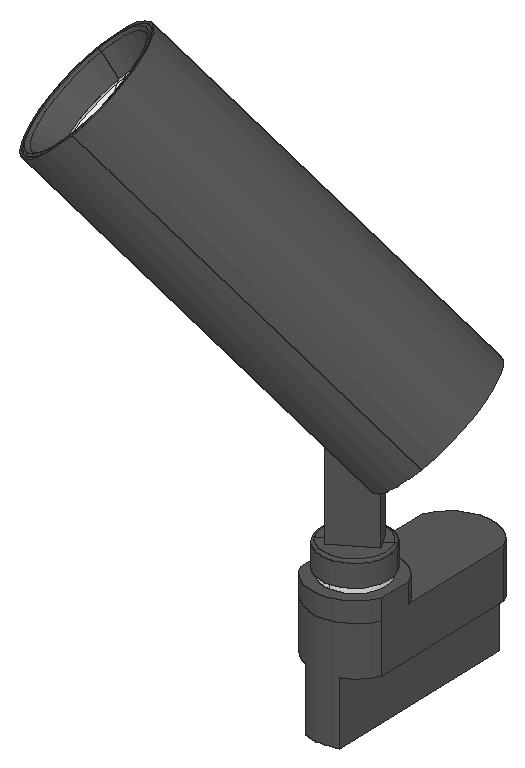
Revit family "0005441", category Lighting Fixtures, host Face, Revit 2017 (continued)
Definition of nested family "START Track Spot Integral Head"
  Types (5, lengths in mm): name | Photometric Web File | built-in parameter 1150142 | Model | built-in parameter 1150105 | Lumens | built-in parameter 1150106 | built-in parameter 1150104
    0005423 ST TRK SPT INTGRL 1400LM 930 WB BLK | "0005423WB.ies" | "IESNA:LM-63-2002\r\n[TEST] A1808656A0\r\n[TESTLAB]\r\n[MANUFAC] Feilo Sylvania\r\n[LUMCAT]\r\n[LUMINAIRE] 0005423 START Track Spot Integ ral 1350lm 930 MB BLK /0 \r\n[LAMP] SP-TA5C17R1/0\r\n[BALLAST] \r\n[ISSUEDATE]\r\n[OTHER] B-Angle = 0.00 B-Tilt = 0.00 2018-10-19\r\nTILT=NONE\r\n1 1400.00 1 361 1 1 2 -0.042 -0.042 0.000\r\n1.0 1.0 17.00\r\n   0.00   0.50   1.00   1.50   2.00   2.50   3.00   3.50   4.00   4.50\r\n   5.00   5.50   6.00   6.50   7.00   7.50   8.00   8.50   9.00   9.50\r\n  10.00  10.50  11.00  11.50  12.00  12.50  13.00  13.50  14.00  14.50\r\n  15.00  15.50  16.00  16.50  17.00  17.50  18.00  18.50  19.00  19.50\r\n  20.00  20.50  21.00  21.50  22.00  22.50  23.00  23.50  24.00  24.50\r\n  25.00  25.50  26.00  26.50  27.00  27.50  28.00  28.50  29.00  29.50\r\n  30.00  30.50  31.00  31.50  32.00  32.50  33.00  33.50  34.00  34.50\r\n  35.00  35.50  36.00  36.50  37.00  37.50  38.00  38.50  39.00  39.50\r\n  40.00  40.50  41.00  41.50  42.00  42.50  43.00  43.50  44.00  44.50\r\n  45.00  45.50  46.00  46.50  47.00  47.50  48.00  48.50  49.00  49.50\r\n  50.00  50.50  51.00  51.50  52.00  52.50  53.00  53.50  54.00  54.50\r\n  55.00  55.50  56.00  56.50  57.00  57.50  58.00  58.50  59.00  59.50\r\n  60.00  60.50  61.00  61.50  62.00  62.50  63.00  63.50  64.00  64.50\r\n  65.00  65.50  66.00  66.50  67.00  67.50  68.00  68.50  69.00  69.50\r\n  70.00  70.50  71.00  71.50  72.00  72.50  73.00  73.50  74.00  74.50\r\n  75.00  75.50  76.00  76.50  77.00  77.50  78.00  78.50  79.00  79.50\r\n  80.00  80.50  81.00  81.50  82.00  82.50  83.00  83.50  84.00  84.50\r\n  85.00  85.50  86.00  86.50  87.00  87.50  88.00  88.50  89.00  89.50\r\n  90.00  90.50  91.00  91.50  92.00  92.50  93.00  93.50  94.00  94.50\r\n  95.00  95.50  96.00  96.50  97.00  97.50  98.00  98.50  99.00  99.50\r\n 100.00 100.50 101.00 101.50 102.00 102.50 103.00 103.50 104.00 104.50\r\n 105.00 105.50 106.00 106.50 107.00 107.50 108.00 108.50 109.00 109.50\r\n 110.00 110.50 111.00 111.50 112.00 112.50 113.00 113.50 114.00 114.50\r\n 115.00 115.50 116.00 116.50 117.00 117.50 118.00 118.50 119.00 119.50\r\n 120.00 120.50 121.00 121.50 122.00 122.50 123.00 123.50 124.00 124.50\r\n 125.00 125.50 126.00 126.50 127.00 127.50 128.00 128.50 129.00 129.50\r\n 130.00 130.50 131.00 131.50 132.00 132.50 133.00 133.50 134.00 134.50\r\n 135.00 135.50 136.00 136.50 137.00 137.50 138.00 138.50 139.00 139.50\r\n 140.00 140.50 141.00 141.50 142.00 142.50 143.00 143.50 144.00 144.50\r\n 145.00 145.50 146.00 146.50 147.00 147.50 148.00 148.50 149.00 149.50\r\n 150.00 150.50 151.00 151.50 152.00 152.50 153.00 153.50 154.00 154.50\r\n 155.00 155.50 156.00 156.50 157.00 157.50 158.00 158.50 159.00 159.50\r\n 160.00 160.50 161.00 161.50 162.00 162.50 163.00 163.50 164.00 164.50\r\n 165.00 165.50 166.00 166.50 167.00 167.50 168.00 168.50 169.00 169.50\r\n 170.00 170.50 171.00 171.50 172.00 172.50 173.00 173.50 174.00 174.50\r\n 175.00 175.50 176.00 176.50 177.00 177.50 178.00 178.50 179.00 179.50\r\n 180.00\r\n   0.00\r\n    1426.45    1423.42    1423.77    1424.26    1423.59    1421.48    1423.04\r\n    1425.16    1425.49    1426.12    1428.04    1429.33    1431.26    1432.03\r\n    1435.03    1438.74    1440.64    1441.34    1443.33    1445.51    1445.29\r\n    1445.35    1446.33    1446.83    1447.01    1447.43    1445.98    1442.91\r\n    1438.77    1434.20    1427.64    1419.25    1410.56    1402.16    1392.44\r\n    1378.02    1361.49    1344.50    1326.56    1309.08    1290.97    1268.40\r\n    1246.84    1225.01    1200.68    1176.08    1152.44    1125.63    1098.52\r\n    1071.11    1043.97    1016.43     988.43     959.29     928.84     899.78\r\n     870.45     840.78     810.75     781.02     750.47     719.39     688.48\r\n     659.13     629.06     598.93     569.87     541.80     514.01     486.77\r\n     459.63     432.64     405.89     380.04     354.24     328.05     302.62\r\n     278.38     254.93     232.41     211.15     190.95     173.10     157.56\r\n     144.00     131.88     120.92     111.08     102.12      94.02      86.79\r\n      80.16      74.06      68.29      63.04      58.17      53.66      49.64\r\n      45.92      42.53      39.45      36.64      34.12      31.89      29.97\r\n      28.29      26.81      25.55      24.44      23.52      22.74      21.99\r\n      21.34      20.73      20.19      19.61      19.00      18.34      17.63\r\n      16.87      16.13      15.32      14.46      13.62      12.84      12.12\r\n      11.42      10.75      10.14       9.55       8.97       8.40       7.84\r\n       7.25       6.64       6.09       5.47       4.87       4.28       3.67\r\n       3.11       2.58       2.14       1.81       1.51       1.25       0.99\r\n       0.83       0.69       0.57       0.50       0.43       0.35       0.31\r\n       0.25       0.22       0.15       0.11       0.07       0.03       0.00\r\n       0.00       0.00       0.00       0.00       0.00       0.00       0.00\r\n       0.00       0.00       0.00       0.00       0.00       0.00       0.00\r\n       0.00       0.00       0.00       0.00       0.00       0.00       0.00\r\n       0.00       0.00       0.00       0.00       0.00       0.00       0.00\r\n       0.00       0.00       0.00       0.00       0.00       0.00       0.00\r\n       0.00       0.00       0.00       0.00       0.00       0.00       0.00\r\n       0.00       0.00       0.00       0.00       0.00       0.00       0.00\r\n       0.00       0.00       0.00       0.00       0.00       0.00       0.00\r\n       0.00       0.00       0.00       0.00       0.00       0.00       0.00\r\n       0.00       0.00       0.00       0.00       0.00       0.00       0.00\r\n       0.00       0.00       0.00       0.00       0.00       0.00       0.00\r\n       0.00       0.00       0.00       0.00       0.00       0.00       0.00\r\n       0.00       0.00       0.00       0.00       0.00       0.00       0.00\r\n       0.00       0.00       0.01       0.01       0.01       0.03       0.03\r\n       0.03       0.04       0.03       0.04       0.04       0.04       0.04\r\n       0.04       0.04       0.04       0.04       0.04       0.04       0.06\r\n       0.07       0.08       0.10       0.15       0.21       0.27       0.34\r\n       0.42       0.48       0.52       0.56       0.57       0.60       0.63\r\n       0.67       0.71       0.77       0.83       0.91       1.02       1.16\r\n       1.27       1.36       1.39       1.41       1.44       1.48       1.54\r\n       1.58       1.64       1.72       1.81       1.88       1.97       2.06\r\n       2.14       2.21       2.27       2.30       2.34       2.37       2.39\r\n       2.44       2.49       2.53       2.59       2.65       2.74       2.80\r\n       2.88       2.97       3.05       3.15       3.21       3.28       3.35\r\n       3.44       3.50       3.53       3.58       3.61       3.67       3.70\r\n       3.74       3.77       3.82       3.86       3.89       3.92       3.95\r\n       3.99       4.03       4.05       4.07       4.10       4.13       4.14\r\n       4.14       4.14       4.14       4.13       4.12       4.09       4.06\r\n       4.05       4.03       4.03       3.96\r\n" | "ST TRK SPT INTGRL 1400LM 930 WB BLK" | 111.41 (stored number, unit not read) | 1400 lm | 1.1141 (stored number, unit not read) | 7.6508 (stored number, unit not read)
    0005441 24 | "0005441_24.ies" | "IESNA:LM-63-2002\r\n[TEST] 202010554\r\n[TESTLAB] \r\n[TESTDATE] 23 May 2020\r\n[ISSUEDATE] 23 May 2020\r\n[MANUFAC] Sylvania\r\n[LUMCAT] 202010554\r\n[LUMINAIRE] FT1079-B-3000£¨24¡ã£©\r\n[FLASHAREA] 0.000514\r\n[LAMPCAT] 202010554\r\n[LAMP] LED 17W\r\nTILT=NONE\r\n1 1393.10 1.0 181 4 1 2 -0.052 -0.052 0.000\r\n1.00 1.00 16.50\r\n0.00 1.00 2.00 3.00 4.00 5.00 6.00 7.00 8.00 9.00 10.00 \r\n11.00 12.00 13.00 14.00 15.00 16.00 17.00 18.00 19.00 \r\n20.00 21.00 22.00 23.00 24.00 25.00 26.00 27.00 28.00 \r\n29.00 30.00 31.00 32.00 33.00 34.00 35.00 36.00 37.00 \r\n38.00 39.00 40.00 41.00 42.00 43.00 44.00 45.00 46.00 \r\n47.00 48.00 49.00 50.00 51.00 52.00 53.00 54.00 55.00 \r\n56.00 57.00 58.00 59.00 60.00 61.00 62.00 63.00 64.00 \r\n65.00 66.00 67.00 68.00 69.00 70.00 71.00 72.00 73.00 \r\n74.00 75.00 76.00 77.00 78.00 79.00 80.00 81.00 82.00 \r\n83.00 84.00 85.00 86.00 87.00 88.00 89.00 90.00 91.00 \r\n92.00 93.00 94.00 95.00 96.00 97.00 98.00 99.00 100.00 \r\n101.00 102.00 103.00 104.00 105.00 106.00 107.00 108.00 \r\n109.00 110.00 111.00 112.00 113.00 114.00 115.00 116.00 \r\n117.00 118.00 119.00 120.00 121.00 122.00 123.00 124.00 \r\n125.00 126.00 127.00 128.00 129.00 130.00 131.00 132.00 \r\n133.00 134.00 135.00 136.00 137.00 138.00 139.00 140.00 \r\n141.00 142.00 143.00 144.00 145.00 146.00 147.00 148.00 \r\n149.00 150.00 151.00 152.00 153.00 154.00 155.00 156.00 \r\n157.00 158.00 159.00 160.00 161.00 162.00 163.00 164.00 \r\n165.00 166.00 167.00 168.00 169.00 170.00 171.00 172.00 \r\n173.00 174.00 175.00 176.00 177.00 178.00 179.00 180.00 \r\n0.00 30.00 60.00 90.00 \r\n4627.64 4605.77 4540.32 4434.91 4300.13 4145.72 3970.18 \r\n3775.31 3559.65 3329.21 3085.55 2837.00 2587.58 2340.96 \r\n2102.22 1872.97 1658.53 1460.55 1281.84 1121.53 979.65 \r\n854.71 746.94 656.26 581.17 519.96 469.55 422.98 385.89 \r\n353.03 324.04 298.01 273.73 251.14 230.97 212.55 194.89 \r\n178.98 164.72 151.53 139.94 129.45 119.61 110.74 102.72 \r\n95.46 88.72 82.26 76.00 70.11 64.76 60.09 55.96 52.15 \r\n48.49 44.88 41.35 38.06 35.17 32.25 29.70 27.02 24.56 \r\n22.31 20.70 19.18 17.71 15.99 14.25 12.33 10.54 8.93 7.45 \r\n6.14 4.97 3.93 2.95 1.97 1.07 0.38 0.04 0.00 0.00 0.00 \r\n0.00 0.00 0.00 0.00 0.00 0.00 0.00 0.00 0.00 0.00 0.00 \r\n0.00 0.00 0.00 0.00 0.00 0.00 0.00 0.00 0.00 0.00 0.00 \r\n0.00 0.00 0.00 0.00 0.00 0.00 0.00 0.00 0.00 0.00 0.00 \r\n0.00 0.00 0.00 0.00 0.00 0.00 0.00 0.00 0.00 0.00 0.00 \r\n0.00 0.00 0.00 0.00 0.00 0.00 0.00 0.00 0.00 0.00 0.00 \r\n0.00 0.00 0.00 0.00 0.00 0.00 0.00 0.00 0.00 0.00 0.00 \r\n0.00 0.00 0.00 0.00 0.00 0.00 0.00 0.00 0.00 0.00 0.00 \r\n0.00 0.00 0.00 0.00 0.00 0.00 0.00 0.00 0.00 0.00 0.00 \r\n0.00 0.00 0.00 0.00 0.00 0.00 0.00 0.00 0.00 \r\n4668.01 4643.40 4575.22 4471.18 4334.68 4175.87 3997.25 \r\n3798.73 3582.57 3349.38 3104.76 2853.41 2602.06 2349.41 \r\n2107.30 1877.29 1659.63 1462.08 1282.20 1122.28 977.85 \r\n852.25 744.01 652.03 577.82 515.21 462.49 418.95 382.01 \r\n349.56 320.76 295.02 272.19 250.47 229.75 210.59 193.29 \r\n177.70 163.52 150.65 139.08 128.81 119.18 110.64 102.83 \r\n95.59 88.84 82.22 75.72 69.66 64.44 59.87 55.93 52.20 \r\n48.23 44.42 40.87 37.64 34.85 32.26 29.63 26.95 24.30 \r\n22.25 20.61 19.09 17.64 16.04 14.16 12.25 10.48 8.85 7.37 \r\n6.05 4.88 3.87 2.91 1.95 1.00 0.32 0.03 0.01 0.01 0.01 \r\n0.01 0.01 0.01 0.01 0.01 0.01 0.01 0.01 0.01 0.01 0.01 \r\n0.01 0.01 0.01 0.01 0.01 0.01 0.01 0.01 0.01 0.01 0.01 \r\n0.01 0.01 0.01 0.01 0.01 0.01 0.01 0.01 0.01 0.01 0.01 \r\n0.01 0.01 0.01 0.01 0.01 0.01 0.01 0.01 0.01 0.01 0.01 \r\n0.01 0.01 0.01 0.01 0.01 0.01 0.01 0.01 0.01 0.01 0.01 \r\n0.01 0.01 0.01 0.01 0.01 0.01 0.01 0.01 0.01 0.01 0.01 \r\n0.01 0.01 0.01 0.01 0.01 0.01 0.01 0.01 0.01 0.01 0.01 \r\n0.01 0.01 0.01 0.01 0.01 0.01 0.01 0.01 0.01 0.01 0.01  \r\n0.01 0.01 0.01 0.01 0.01 0.01 0.01 0.01 0.01 \r\n4674.45 4650.22 4581.21 4476.10 4339.57 4176.70 3996.75 \r\n3797.80 3577.18 3342.54 3094.15 2841.98 2589.32 2338.71 \r\n2095.81 1863.86 1648.15 1448.90 1269.33 1109.10 965.57 \r\n840.87 732.89 641.88 566.75 507.21 452.19 409.66 373.40 \r\n341.57 313.71 288.64 265.86 243.95 223.67 205.31 188.13 \r\n172.44 158.43 145.89 134.69 124.75 115.61 107.15 99.45 \r\n92.33 85.58 79.49 73.68 68.10 63.06 58.65 54.73 51.07 \r\n47.55 44.08 40.63 37.30 34.40 31.75 29.22 26.43 23.98 \r\n22.02 20.40 18.93 17.52 15.92 14.08 12.17 10.40 8.80 7.34 \r\n6.04 4.91 3.92 2.96 1.98 1.05 0.34 0.02 0.01 0.01 0.01 \r\n0.01 0.01 0.01 0.01 0.01 0.01 0.01 0.01 0.01 0.01 0.01 \r\n0.01 0.01 0.01 0.01 0.01 0.01 0.01 0.01 0.01 0.01 0.01  \r\n0.01 0.01 0.01 0.01 0.01 0.01 0.01 0.01 0.01 0.01 0.01 \r\n0.01 0.01 0.01 0.01 0.01 0.01 0.01 0.01 0.01 0.01 0.01  \r\n0.01 0.01 0.01 0.01 0.01 0.01 0.01 0.01 0.01 0.01 0.01 \r\n0.01 0.01 0.01 0.01 0.01 0.01 0.01 0.01 0.01 0.01 0.01  \r\n0.01 0.01 0.01 0.01 0.01 0.01 0.01 0.01 0.01 0.01 0.01 \r\n0.01 0.01 0.01 0.01 0.01 0.01 0.01 0.01 0.01 0.01 0.01  \r\n0.01 0.01 0.01 0.01 0.01 0.01 0.01 0.01 0.01 \r\n4675.30 4651.56 4584.03 4478.47 4340.61 4177.89 3994.72 \r\n3793.65 3574.11 3338.38 3090.07 2837.43 2583.63 2333.29 \r\n2087.79 1856.93 1639.93 1440.43 1261.44 1100.70 957.42 \r\n832.53 725.02 634.21 559.67 500.41 446.86 404.99 369.22 \r\n337.58 309.70 284.32 261.02 239.91 219.36 200.20 183.27 \r\n167.89 154.16 141.47 130.33 120.46 111.75 103.69 96.36 \r\n89.46 83.20 77.41 71.87 66.60 61.72 57.55 54.11 50.71 \r\n47.08 43.47 40.01 36.93 34.25 31.91 29.67 26.86 24.06 \r\n22.03 20.34 18.85 17.46 15.89 14.05 12.15 10.41 8.78 7.31 \r\n5.97 4.84 3.86 2.91 1.96 1.01 0.29 0.01 0.01 0.01 0.01 \r\n0.01 0.01 0.01 0.01 0.01 0.01 0.01 0.01 0.01 0.01 0.01 \r\n0.01 0.01 0.01 0.01 0.01 0.01 0.01 0.01 0.01 0.01 0.01  \r\n0.01 0.01 0.01 0.01 0.01 0.01 0.01 0.01 0.01 0.01 0.01 \r\n0.01 0.01 0.01 0.01 0.01 0.01 0.01 0.01 0.01 0.01 0.01  \r\n0.01 0.01 0.01 0.01 0.01 0.01 0.01 0.01 0.01 0.01 0.01 \r\n0.01 0.01 0.01 0.01 0.01 0.01 0.01 0.01 0.01 0.01 0.01 \r\n0.01 0.01 0.01 0.01 0.01 0.01 0.01 0.01 0.01 0.01 0.01 \r\n0.01 0.01 0.01 0.01 0.01 0.01 0.01 0.01 0.01 0.01 0.01  \r\n0.01 0.01 0.01 0.01 0.01 0.01 0.01 0.01 0.01 \r\n" | "ST TRK SPT INTGRL 1350LM 930 MB BLK" | 107.43 (stored number, unit not read) | 1350 lm | 1.0743 (stored number, unit not read) | 7.3776 (stored number, unit not read)
    0005441 36 | "0005441_36.ies" | "IESNA:LM-63-2002\r\n[TEST] 202010554\r\n[TESTLAB] \r\n[TESTDATE] 23 May 2020\r\n[ISSUEDATE] 23 May 2020\r\n[MANUFAC] Sylvania\r\n[LUMCAT] 202010554\r\n[LUMINAIRE] FT1079-B-3000£¨36¡ã£©\r\n[FLASHAREA] 0.000514\r\n[LAMPCAT] 202010554\r\n[LAMP] LED 17W\r\nTILT=NONE\r\n1 1460.70 1.0 181 4 1 2 -0.052 -0.052 0.000\r\n1.00 1.00 16.54\r\n0.00 1.00 2.00 3.00 4.00 5.00 6.00 7.00 8.00 9.00 10.00 \r\n11.00 12.00 13.00 14.00 15.00 16.00 17.00 18.00 19.00 \r\n20.00 21.00 22.00 23.00 24.00 25.00 26.00 27.00 28.00 \r\n29.00 30.00 31.00 32.00 33.00 34.00 35.00 36.00 37.00 \r\n38.00 39.00 40.00 41.00 42.00 43.00 44.00 45.00 46.00 \r\n47.00 48.00 49.00 50.00 51.00 52.00 53.00 54.00 55.00 \r\n56.00 57.00 58.00 59.00 60.00 61.00 62.00 63.00 64.00 \r\n65.00 66.00 67.00 68.00 69.00 70.00 71.00 72.00 73.00 \r\n74.00 75.00 76.00 77.00 78.00 79.00 80.00 81.00 82.00 \r\n83.00 84.00 85.00 86.00 87.00 88.00 89.00 90.00 91.00 \r\n92.00 93.00 94.00 95.00 96.00 97.00 98.00 99.00 100.00 \r\n101.00 102.00 103.00 104.00 105.00 106.00 107.00 108.00 \r\n109.00 110.00 111.00 112.00 113.00 114.00 115.00 116.00 \r\n117.00 118.00 119.00 120.00 121.00 122.00 123.00 124.00 \r\n125.00 126.00 127.00 128.00 129.00 130.00 131.00 132.00 \r\n133.00 134.00 135.00 136.00 137.00 138.00 139.00 140.00 \r\n141.00 142.00 143.00 144.00 145.00 146.00 147.00 148.00 \r\n149.00 150.00 151.00 152.00 153.00 154.00 155.00 156.00 \r\n157.00 158.00 159.00 160.00 161.00 162.00 163.00 164.00 \r\n165.00 166.00 167.00 168.00 169.00 170.00 171.00 172.00 \r\n173.00 174.00 175.00 176.00 177.00 178.00 179.00 180.00 \r\n0.00 30.00 60.00 90.00 \r\n2760.16 2757.79 2760.34 2752.21 2737.63 2715.60 2682.41 \r\n2635.96 2579.42 2515.05 2438.92 2355.30 2270.39 2171.45 \r\n2058.81 1936.42 1811.46 1683.24 1556.99 1435.04 1319.93 \r\n1213.50 1112.11 1019.70 931.28 848.03 770.11 696.95 \r\n628.41 564.73 506.71 450.76 401.29 355.65 315.26 279.61 \r\n246.28 217.08 191.44 169.21 149.76 133.04 118.47 105.88 \r\n95.07 85.60 77.37 69.94 63.16 57.22 52.06 47.33 43.33 \r\n39.67 36.31 33.28 30.67 28.34 26.29 24.34 22.29 20.29 \r\n18.26 16.49 15.09 13.80 12.64 11.42 10.03 8.45 7.01 5.77 \r\n4.56 3.51 2.74 2.12 1.54 0.99 0.51 0.17 0.01 0.01 0.01 \r\n0.01 0.01 0.01 0.01 0.01 0.01 0.01 0.01 0.01 0.01 0.01 \r\n0.01 0.01 0.01 0.01 0.01 0.01 0.01 0.01 0.01 0.01 0.01 \r\n0.01 0.01 0.01 0.01 0.01 0.01 0.01 0.01 0.01 0.01 0.01 \r\n0.01 0.01 0.01 0.01 0.01 0.01 0.01 0.01 0.01 0.01 0.01 \r\n0.01 0.01 0.01 0.01 0.01 0.01 0.01 0.01 0.01 0.01 0.01 \r\n0.01 0.01 0.01 0.01 0.01 0.01 0.01 0.01 0.01 0.01 0.01 \r\n0.01 0.01 0.01 0.01 0.01 0.01 0.01 0.01 0.01 0.01 0.01 \r\n0.01 0.01 0.01 0.01 0.01 0.01 0.01 0.01 0.01 0.01 0.01 \r\n0.01 0.01 0.01 0.01 0.01 0.01 0.01 0.01 0.01 0.01 \r\n2753.89 2755.04 2755.60 2749.23 2735.09 2715.63 2682.80 \r\n2639.71 2582.29 2516.41 2440.80 2362.24 2276.03 2176.32 \r\n2065.28 1945.34 1818.83 1689.75 1561.42 1439.75 1322.41 \r\n1215.14 1113.37 1018.31 929.32 846.18 767.60 694.28 \r\n626.36 563.12 503.82 448.70 399.44 354.52 314.37 278.77 \r\n246.13 216.96 191.85 169.41 149.92 133.16 118.52 106.10 \r\n95.24 85.87 77.63 70.24 63.63 57.52 52.25 47.66 43.56 \r\n39.89 36.63 33.62 30.86 28.34 26.12 24.08 22.08 20.16 \r\n18.25 16.39 14.98 13.72 12.57 11.42 9.98 8.46 7.05 5.82 \r\n4.61 3.52 2.75 2.15 1.57 1.01 0.53 0.17 0.01 0.01 0.01 \r\n0.01 0.01 0.01 0.01 0.01 0.01 0.01 0.01 0.01 0.01 0.01 \r\n0.01 0.01 0.01 0.01 0.01 0.01 0.01 0.01 0.01 0.01 0.01 \r\n0.01 0.01 0.01 0.01 0.01 0.01 0.01 0.01 0.01 0.01 0.01 \r\n0.01 0.01 0.01 0.01 0.01 0.01 0.01 0.01 0.01 0.01 0.01 \r\n0.01 0.01 0.01 0.01 0.01 0.01 0.01 0.01 0.01 0.01 0.01 \r\n0.01 0.01 0.01 0.01 0.01 0.01 0.01 0.01 0.01 0.01 0.01 \r\n0.01 0.01 0.01 0.01 0.01 0.01 0.01 0.01 0.01 0.01 0.01 \r\n0.01 0.01 0.01 0.01 0.01 0.01 0.01 0.01 0.01 0.01 0.01 \r\n0.01 0.01 0.01 0.01 0.01 0.01 0.01 0.01 0.01 0.01 \r\n2754.80 2755.13 2752.62 2746.69 2734.24 2713.23 2682.22 \r\n2638.12 2582.77 2517.89 2445.40 2368.13 2279.33 2179.83 \r\n2069.22 1949.99 1824.35 1695.32 1567.84 1443.34 1324.08 \r\n1214.78 1112.23 1016.77 927.51 843.80 764.72 690.30 \r\n622.10 557.98 499.62 443.34 393.81 348.70 308.65 273.32 \r\n240.27 211.73 186.92 164.98 145.88 129.47 115.44 103.31 \r\n92.96 83.82 75.80 68.77 62.45 56.79 51.61 47.09 43.19 \r\n39.56 36.17 33.17 30.55 28.19 26.07 24.09 22.12 20.08 \r\n18.16 16.31 14.91 13.71 12.60 11.48 10.11 8.59 7.11 5.84 \r\n4.67 3.60 2.81 2.19 1.60 1.04 0.55 0.16 0.01 0.01 0.01 \r\n0.01 0.01 0.01 0.01 0.01 0.01 0.01 0.01 0.01 0.01 0.01 \r\n0.01 0.01 0.01 0.01 0.01 0.01 0.01 0.01 0.01 0.01 0.01 \r\n0.01 0.01 0.01 0.01 0.01 0.01 0.01 0.01 0.01 0.01 0.01 \r\n0.01 0.01 0.01 0.01 0.01 0.01 0.01 0.01 0.01 0.01 0.01 \r\n0.01 0.01 0.01 0.01 0.01 0.01 0.01 0.01 0.01 0.01 0.01 \r\n0.01 0.01 0.01 0.01 0.01 0.01 0.01 0.01 0.01 0.01 0.01 \r\n0.01 0.01 0.01 0.01 0.01 0.01 0.01 0.01 0.01 0.01 0.01 \r\n0.01 0.01 0.01 0.01 0.01 0.01 0.01 0.01 0.01 0.01 0.01 \r\n0.01 0.01 0.01 0.01 0.01 0.01 0.01 0.01 0.01 0.01 \r\n2754.24 2755.55 2751.87 2746.72 2733.88 2712.94 2682.26 \r\n2640.33 2585.17 2519.38 2444.55 2365.39 2278.00 2178.70 \r\n2069.94 1952.90 1828.42 1699.79 1571.87 1446.20 1325.11 \r\n1211.73 1107.16 1010.64 919.19 835.44 756.55 683.03 \r\n615.31 553.10 493.26 435.88 385.53 341.07 301.00 266.62 \r\n233.83 205.81 181.66 160.14 141.40 125.35 111.38 99.66 \r\n89.56 80.57 72.75 66.01 60.10 54.72 50.06 45.91 42.12 \r\n38.67 35.55 32.86 30.29 27.86 25.69 23.80 21.84 19.98 \r\n18.12 16.24 14.89 13.71 12.57 11.53 10.19 8.72 7.27 5.97 \r\n4.79 3.67 2.88 2.24 1.65 1.08 0.59 0.17 0.01 0.01 0.01 \r\n0.01 0.01 0.01 0.01 0.01 0.01 0.01 0.01 0.01 0.01 0.01 \r\n0.01 0.01 0.01 0.01 0.01 0.01 0.01 0.01 0.01 0.01 0.01 \r\n0.01 0.01 0.01 0.01 0.01 0.01 0.01 0.01 0.01 0.01 0.01 \r\n0.01 0.01 0.01 0.01 0.01 0.01 0.01 0.01 0.01 0.01 0.01 \r\n0.01 0.01 0.01 0.01 0.01 0.01 0.01 0.01 0.01 0.01 0.01 \r\n0.01 0.01 0.01 0.01 0.01 0.01 0.01 0.01 0.01 0.01 0.01 \r\n0.01 0.01 0.01 0.01 0.01 0.01 0.01 0.01 0.01 0.01 0.01 \r\n0.01 0.01 0.01 0.01 0.01 0.01 0.01 0.01 0.01 0.01 0.01 \r\n0.01 0.01 0.01 0.01 0.01 0.01 0.01 0.01 0.01 0.01 \r\n" | "ST TRK SPT INTGRL 1350LM 930 MB BLK" | 107.43 (stored number, unit not read) | 1350 lm | 1.0743 (stored number, unit not read) | 7.3776 (stored number, unit not read)
    0005441 54 | "0005441_54.ies" | "IESNA:LM-63-2002\r\n[TEST] 202010554\r\n[TESTLAB] \r\n[TESTDATE] 23 May 2020\r\n[ISSUEDATE] 23 May 2020\r\n[MANUFAC] Sylvania\r\n[LUMCAT] 202010554\r\n[LUMINAIRE] FT1079-B-3000£¨54¡ã£©\r\n[FLASHAREA] 0.000514\r\n[LAMPCAT] 202010554\r\n[LAMP] LED 17W\r\nTILT=NONE\r\n1 1440.60 1.0 181 4 1 2 -0.052 -0.052 0.000\r\n1.00 1.00 16.52\r\n0.00 1.00 2.00 3.00 4.00 5.00 6.00 7.00 8.00 9.00 10.00 \r\n11.00 12.00 13.00 14.00 15.00 16.00 17.00 18.00 19.00 \r\n20.00 21.00 22.00 23.00 24.00 25.00 26.00 27.00 28.00 \r\n29.00 30.00 31.00 32.00 33.00 34.00 35.00 36.00 37.00 \r\n38.00 39.00 40.00 41.00 42.00 43.00 44.00 45.00 46.00 \r\n47.00 48.00 49.00 50.00 51.00 52.00 53.00 54.00 55.00 \r\n56.00 57.00 58.00 59.00 60.00 61.00 62.00 63.00 64.00 \r\n65.00 66.00 67.00 68.00 69.00 70.00 71.00 72.00 73.00 \r\n74.00 75.00 76.00 77.00 78.00 79.00 80.00 81.00 82.00 \r\n83.00 84.00 85.00 86.00 87.00 88.00 89.00 90.00 91.00 \r\n92.00 93.00 94.00 95.00 96.00 97.00 98.00 99.00 100.00 \r\n101.00 102.00 103.00 104.00 105.00 106.00 107.00 108.00 \r\n109.00 110.00 111.00 112.00 113.00 114.00 115.00 116.00 \r\n117.00 118.00 119.00 120.00 121.00 122.00 123.00 124.00 \r\n125.00 126.00 127.00 128.00 129.00 130.00 131.00 132.00 \r\n133.00 134.00 135.00 136.00 137.00 138.00 139.00 140.00 \r\n141.00 142.00 143.00 144.00 145.00 146.00 147.00 148.00 \r\n149.00 150.00 151.00 152.00 153.00 154.00 155.00 156.00 \r\n157.00 158.00 159.00 160.00 161.00 162.00 163.00 164.00 \r\n165.00 166.00 167.00 168.00 169.00 170.00 171.00 172.00 \r\n173.00 174.00 175.00 176.00 177.00 178.00 179.00 180.00 \r\n0.00 30.00 60.00 90.00 \r\n1655.55 1662.59 1658.31 1653.69 1649.69 1648.01 1636.26 \r\n1626.65 1614.26 1595.35 1582.77 1558.60 1535.27 1504.89 \r\n1472.27 1437.98 1403.81 1364.30 1326.71 1284.48 1235.83 \r\n1181.38 1131.80 1076.91 1016.99 950.08 883.38 821.13 \r\n757.26 699.56 641.15 588.92 538.12 491.88 447.61 408.11 \r\n372.30 336.02 308.69 280.38 253.73 230.77 210.19 190.89 \r\n173.74 157.71 143.15 129.72 117.91 106.71 96.87 88.54 \r\n81.06 73.94 67.06 60.84 54.98 49.35 44.24 39.59 34.84 \r\n30.15 25.85 22.62 20.23 18.20 16.32 14.73 13.22 11.75 \r\n10.24 8.67 7.21 5.95 4.88 3.83 2.84 1.91 1.03 0.33 0.01 \r\n0.01 0.01 0.01 0.01 0.01 0.01 0.01 0.01 0.01 0.01 0.01\r\n0.01 0.01 0.01 0.01 0.01 0.01 0.01 0.01 0.01 0.01 0.01\r\n0.01 0.01 0.01 0.01 0.01 0.01 0.01 0.01 0.01 0.01 0.01 \r\n0.01 0.01 0.01 0.01 0.01 0.01 0.01 0.01 0.01 0.01 0.01\r\n0.01 0.01 0.01 0.01 0.01 0.01 0.01 0.01 0.01 0.01 0.01 \r\n0.01 0.01 0.01 0.01 0.01 0.01 0.01 0.01 0.01 0.01 0.01\r\n0.01 0.01 0.01 0.01 0.01 0.01 0.01 0.01 0.01 0.01 0.01 \r\n0.01 0.01 0.01 0.01 0.01 0.01 0.01 0.01 0.01 0.01 0.01\r\n0.01 0.01 0.01 0.01 0.01 0.01 0.01 0.01 0.01 0.01 0.01 \r\n0.01 \r\n1663.14 1655.46 1652.76 1648.03 1645.85 1641.44 1631.94 \r\n1624.09 1615.75 1599.85 1581.05 1556.25 1535.22 1500.65 \r\n1465.96 1433.97 1404.97 1365.29 1324.16 1278.65 1231.24 \r\n1182.78 1128.23 1069.76 1008.85 946.74 880.85 816.82 \r\n757.46 700.66 642.13 589.26 540.06 492.91 447.73 409.24 \r\n372.82 339.32 309.70 282.82 258.05 234.04 211.38 192.72 \r\n173.57 157.00 141.71 127.61 114.92 103.57 93.93 84.92 \r\n77.49 70.43 64.53 58.88 53.03 47.69 42.66 38.30 33.86 \r\n29.39 25.14 22.08 19.77 17.85 16.14 14.60 13.20 11.70 \r\n10.23 8.70 7.29 6.07 5.02 3.93 2.93 1.95 1.03 0.31 0.03 \r\n0.01 0.01 0.01 0.01 0.01 0.01 0.01 0.01 0.01 0.01 0.01 \r\n0.01 0.01 0.01 0.01 0.01 0.01 0.01 0.01 0.01 0.01 0.01\r\n0.01 0.01 0.01 0.01 0.01 0.01 0.01 0.01 0.01 0.01 0.01 \r\n0.01 0.01 0.01 0.01 0.01 0.01 0.01 0.01 0.01 0.01 0.01\r\n0.01 0.01 0.01 0.01 0.01 0.01 0.01 0.01 0.01 0.01 0.01 \r\n0.01 0.01 0.01 0.01 0.01 0.01 0.01 0.01 0.01 0.01 0.01\r\n0.01 0.01 0.01 0.01 0.01 0.01 0.01 0.01 0.01 0.01 0.01 \r\n0.01 0.01 0.01 0.01 0.01 0.01 0.01 0.01 0.01 0.01 0.01\r\n0.01 0.01 0.01 0.01 0.01 0.01 0.01 0.01 0.01 0.01 0.01\r\n0.01 \r\n1656.06 1661.08 1656.22 1646.21 1641.40 1634.53 1628.44 \r\n1619.78 1603.72 1596.03 1573.39 1561.30 1534.61 1500.34 \r\n1466.66 1429.45 1398.15 1361.28 1317.53 1277.06 1225.92 \r\n1178.99 1116.30 1061.03 1000.76 945.77 880.15 814.27 \r\n754.91 697.25 640.52 586.53 539.81 493.49 447.97 408.02 \r\n371.04 338.02 307.89 278.82 252.47 229.41 207.40 188.54 \r\n170.90 154.59 140.38 125.89 113.26 102.36 93.02 84.17 \r\n76.76 70.47 64.68 58.35 52.47 47.37 42.59 38.14 33.65 \r\n29.16 25.27 21.85 19.67 17.80 16.14 14.59 13.12 11.69 \r\n10.19 8.76 7.34 6.13 5.06 4.01 3.02 2.07 1.12 0.35 0.01 \r\n0.01 0.01 0.01 0.01 0.01 0.01 0.01 0.01 0.01 0.01 0.01\r\n0.01 0.01 0.01 0.01 0.01 0.01 0.01 0.01 0.01 0.01 0.01\r\n0.01 0.01 0.01 0.01 0.01 0.01 0.01 0.01 0.01 0.01 0.01\r\n0.01 0.01 0.01 0.01 0.01 0.01 0.01 0.01 0.01 0.01 0.01\r\n0.01 0.01 0.01 0.01 0.01 0.01 0.01 0.01 0.01 0.01 0.01 \r\n0.01 0.01 0.01 0.01 0.01 0.01 0.01 0.01 0.01 0.01 0.01\r\n0.01 0.01 0.01 0.01 0.01 0.01 0.01 0.01 0.01 0.01 0.01 \r\n0.01 0.01 0.01 0.01 0.01 0.01 0.01 0.01 0.01 0.01 0.01\r\n0.01 0.01 0.01 0.01 0.01 0.01 0.01 0.01 0.01 0.01 0.01 \r\n0.01 \r\n1659.50 1649.40 1647.34 1654.28 1643.21 1645.32 1631.41 \r\n1616.77 1611.40 1591.80 1571.20 1543.78 1527.25 1494.74 \r\n1456.40 1427.54 1393.47 1360.47 1320.94 1276.77 1223.07 \r\n1177.66 1118.19 1056.45 1000.76 938.71 871.81 808.51 \r\n751.94 691.15 638.93 583.63 538.19 492.71 450.65 410.58 \r\n373.41 341.27 308.18 282.36 254.79 233.05 210.10 188.77 \r\n172.08 154.28 138.83 122.79 111.20 100.52 91.19 82.28 \r\n74.92 68.71 61.32 55.35 50.35 44.95 40.27 36.33 32.50 \r\n27.95 24.38 21.37 19.31 17.60 16.08 14.54 13.09 11.66 \r\n10.17 8.81 7.37 6.21 5.16 4.08 3.05 2.07 1.09 0.30 0.01 \r\n0.01 0.01 0.01 0.01 0.01 0.01 0.01 0.01 0.01 0.01 0.01\r\n0.01 0.01 0.01 0.01 0.01 0.01 0.01 0.01 0.01 0.01 0.01\r\n0.01 0.01 0.01 0.01 0.01 0.01 0.01 0.01 0.01 0.01 0.01\r\n0.01 0.01 0.01 0.01 0.01 0.01 0.01 0.01 0.01 0.01 0.01\r\n0.01 0.01 0.01 0.01 0.01 0.01 0.01 0.01 0.01 0.01 0.01\r\n0.01 0.01 0.01 0.01 0.01 0.01 0.01 0.01 0.01 0.01 0.01\r\n0.01 0.01 0.01 0.01 0.01 0.01 0.01 0.01 0.01 0.01 0.01\r\n0.01 0.01 0.01 0.01 0.01 0.01 0.01 0.01 0.01 0.01 0.01\r\n0.01 0.01 0.01 0.01 0.01 0.01 0.01 0.01 0.01 0.01 0.01\r\n0.01 \r\n" | "ST TRK SPT INTGRL 1350LM 930 MB BLK" | 107.43 (stored number, unit not read) | 1350 lm | 1.0743 (stored number, unit not read) | 7.3776 (stored number, unit not read)
  Reference planes
    plane 1 "Center (Front/Back)": y = 0
    plane 2: z = 0
    plane 3 "Center (Left/Right)": x = 0
    plane 4: x = 30
    plane 5: z = 16.8
    plane 6: z = -143.2
    plane 7: x = 29
    plane 8: x = 21
    plane 9: x = 8
    plane 10: z = -133.2
